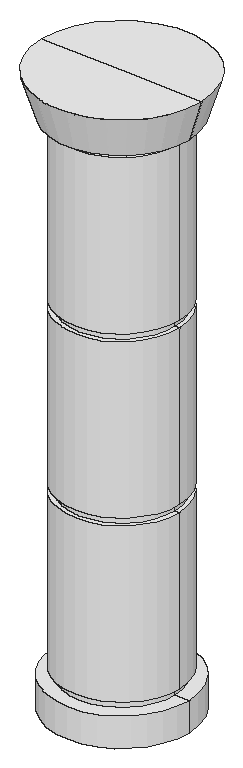
Revit family "금속 클래드 기둥", category 기둥, Revit 2026
Family settings
  로드될 때 보이드를 사용하여 절단 = 아니오
  자동으로 형상을 벽에 결합합니다 = 예
  공유 = 아니오
  평면도에서 미리 절단된 패밀리 표시 = 예
Parameters (values of type "610mm 지름")
  베이스 = 152.00 mm
  기둥 머리 = 203.00 mm
  지름 = 610.00 mm
  재료 = 금속 - 알루미늄
  조인트 깊이 = 25.00 mm
  조인트 폭 = 38.00 mm
  간격띄우기 베이스 레벨 = 0.00 mm
  간격띄우기 상단 레벨 = 0.00 mm
Reference planes
  plane 1: y = 0
  plane 2: z = 0
  plane 3: x = 0
  plane 4: x = -305
  plane 5: x = 305
  plane 6: y = 305
  plane 7: y = -305
  plane 8: z = 152
  plane 9: z = 171
  plane 10: z = 190
  plane 11: z = 2778
  plane 12: z = 2797
  plane 13: z = 2759
  plane 14: z = 1909
  plane 15: z = 1040
  plane 16: z = 3000
  plane 17: z = 0
Forms (mm)
  Revolve 1, solid, material "금속 - 알루미늄" <- "재료"
    sketch origin (0, 0, 0) x (1, 0, 0) y (0, 0, 1)
      loop
        line (0, 0) -> (-355.8, 0) -> (-355.8, 152) -> (-280, 152) -> (-280, 190) -> (-305, 190) -> (-305, 1021) -> (-280, 1021) -> (-280, 1059) -> (-305, 1059) -> (-305, 1890) -> (-280, 1890) -> (-280, 1928) -> (-305, 1928) -> (-305, 2759) -> (-280, 2759) -> (-280, 2797) -> (-355.8, 2797) -> (-419.3, 3000) -> (0, 3000)
      axis (0, 3000) -> (0, 0)
    angle from 0 to 360
Lines and regions (mm)
  symbolic lines, style "Columns"
    curve 1: arc (-280, 0, 0) -> (0, 280, 0) -> (280, 0, 0) r 280
    curve 2: arc (280, 0, 0) -> (0, -280, 0) -> (-280, 0, 0) r 280
    curve 3: arc (-305, 0, 0) -> (0, 305, 0) -> (305, 0, 0) r 305
    curve 4: arc (305, 0, 0) -> (0, -305, 0) -> (-305, 0, 0) r 305
  symbolic lines
    curve 5: arc (-355.8, 0, 0) -> (0, 355.8, 0) -> (355.8, 0, 0) r 355.8
    curve 6: arc (355.8, 0, 0) -> (0, -355.8, 0) -> (-355.8, 0, 0) r 355.8
Dimensions and locks
  equal spacing: plane 4, plane 3, plane 5
  equal spacing: plane 7, plane 1, plane 6
  "지름": plane 4 to plane 5
  "지름": plane 7 to plane 6
  equal spacing: plane 12, plane 11, plane 13
  equal spacing: plane 10, plane 9, plane 8
  equal spacing: plane 11, plane 14, plane 15, plane 9
  "조인트 폭": plane 12 to plane 13
  equal spacing: Revolve 1 sketch curve, plane 14, Revolve 1 sketch curve
  "조인트 폭": Revolve 1 sketch curve to Revolve 1 sketch curve  (x2)
  equal spacing: Revolve 1 sketch curve, plane 15, Revolve 1 sketch curve
  "조인트 폭": plane 10 to plane 8
  "조인트 깊이": plane 4 to Revolve 1 sketch curve  (x4)
  "간격띄우기 베이스 레벨": plane 17 to level
  "간격띄우기 상단 레벨": level to plane 16
  "베이스": plane 8 to plane 17
  "기둥 머리": plane 16 to plane 12
  aligned and locked: plane 17 to Revolve 1 sketch curve
  aligned and locked: Revolve 1 sketch curve to plane 16
  aligned and locked: curve 1 to Revolve 1
  aligned and locked: curve 3 to Revolve 1
  aligned and locked: curve 5 to Revolve 1
Automatic sketch dimensions
  Revolve 1 sketch curve to plane 8 = 0.00 mm
  Revolve 1 sketch curve to plane 12 = 0.00 mm
  Revolve 1 sketch curve to plane 4 = 0.00 mm  (x3)
  Revolve 1 sketch curve to plane 13 = 0.00 mm
  Revolve 1 sketch curve to plane 10 = 0.00 mm
  Revolve 1 sketch curve to plane 3 = 0.00 mm
  plane 4 to Revolve 1 sketch curve = 114.30 mm
  plane 4 to Revolve 1 sketch curve = 50.80 mm  (x2)
